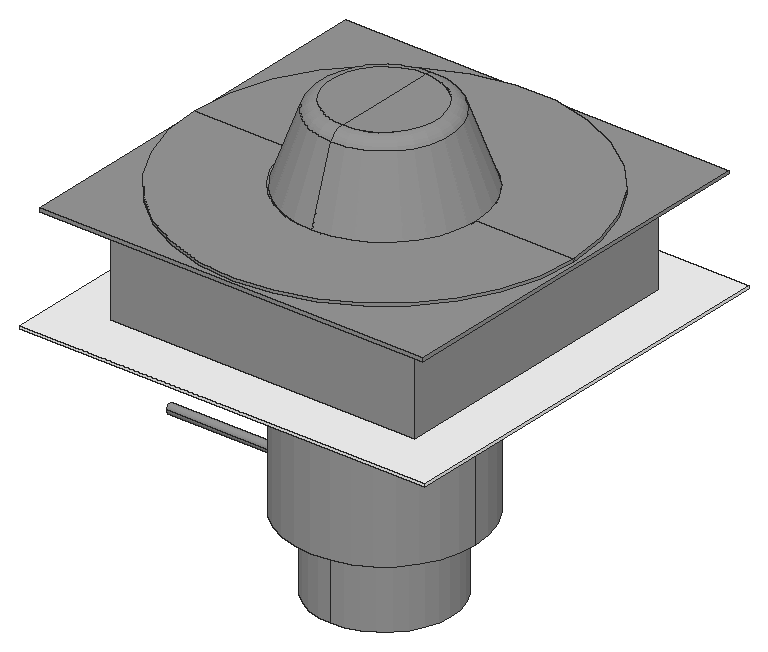
Revit family "HL_Dachablauf_HL63.1P-B-221103", category Instalační zařizovací předměty, Revit 2021
Family settings
  Kóta kulaté spojky = Použít průměr
  Typ dílu = Normální
  Číslo OmniClass = 23.70.50.21.24.14
  Nadpis OmniClass = Deck Waste Water Drains
  Založené na pracovní rovině = Ne
  Vždy vertikální = Ano
  Ořezat dutým tvarem při načtení = Ne
  Sdílené = Ne
  Bod výpočtu místnosti = Ano
Parameters (values of type "HL_Dachablauf_HL63.1P_2")
  Výchozí výška = 0 mm
  Výrobce = "HL Hutterer & Lechner GmbH"  # constant formula
  VOLUMENSTROM [instance] = 0.0 L/s
  URL = "http://www.hutterer-lechner.com/de/products/catalog/roof-drains/HL63.1P/2.aspx"
  RECHTSAUSKUNFT = "Urheberrechte (©), Designrechte und alle anderen Rechte am geistigen Eigentum, sind ausschließlich Eigentum der Firma HL Hutterer&Lechner GmbH. Änderungen sind nicht gestattet. Die Familien (Teile) sind mit Wasserzeichen geschützt."
  MATERIAL = "PP/PVC"
  LEISTUNG = "9,25 l/s"
  GEWICHT = "2,94 [kg]"
  EINLAUFROST = "Laubfangkorb d 145 mm"
  EINBAUHÖHE = "266_326 mm"
  EAN = "9003076826353"
  DURCHMESSER = 125 mm
  DIMENSION = "DN125"
  Abdeckung Material [instance] = none
  Přípoj ventilace = no
  Přípoj odpadních dílů = yes
  Přípoj HW = no
  Přípoj CW = no
  Popis = "Dachabläufe"
  Model = "HL63.1P_2"
  Assembly Code = " "
  Komentáře k typům = "HL63.1P/2 Dachablauf DrainBox DN125 mit PVC_Kragen und Heizung (10_30W/230V),"
  Keynote = "HL63.1P_2"
  Einbauhöhe [instance] = 100 mm
  G [instance] = 180.00°  # constant formula
  D [instance] = 236 mm
  C [instance] = if(Einbauhöhe - 68 mm < 0 mm, 0 mm, Einbauhöhe - 68 mm)  # 32 mm
  B [instance] = 100 mm  # constant formula
  A [instance] = if(B - 100 mm > 15 mm, B - 100 mm, 15 mm)  # 15 mm
Types (4, lengths in mm): name | URL | LEISTUNG | GEWICHT | EAN | DURCHMESSER | DIMENSION | Model | Komentáře k typům | Keynote
  (no name) | "http://www.hutterer-lechner.com/de/products/catalog/roof-drains/HL63.1P/7.aspx" | "6,48 l/s" | "2,9 [kg]" | "9003076806355" | 75 | "DN75" | "HL63.1P_7" | "HL63.1P/7 Dachablauf DrainBox DN75 mit PVC_Kragen und Heizung (10_30W/230V)," | "HL63.1P_7"
  HL_Dachablauf_HL63.1P_1 | "http://www.hutterer-lechner.com/de/products/catalog/roof-drains/HL63.1P/1.aspx" | "5,82 l/s" | "2,92 [kg]" | "9003076816354" | 110 | "DN110" | "HL63.1P_1" | "HL63.1P/1 Dachablauf DrainBox DN110 mit PVC_Kragen und Heizung (10_30W/230V)," | "HL63.1P_1"
  HL_Dachablauf_HL63.1P_2 | "http://www.hutterer-lechner.com/de/products/catalog/roof-drains/HL63.1P/2.aspx" | "9,25 l/s" | "2,94 [kg]" | "9003076826353" | 125 | "DN125" | "HL63.1P_2" | "HL63.1P/2 Dachablauf DrainBox DN125 mit PVC_Kragen und Heizung (10_30W/230V)," | "HL63.1P_2"
  HL_Dachablauf_HL63.1P_7 | "http://www.hutterer-lechner.com/de/products/catalog/roof-drains/HL63.1P/7.aspx" | "6,48 l/s" | "2,9 [kg]" | "9003076806355" | 75 | "DN75" | "HL63.1P_7" | "HL63.1P/7 Dachablauf DrainBox DN75 mit PVC_Kragen und Heizung (10_30W/230V)," | "HL63.1P_7"
Reference planes
  plane 1 "Center (Front/Back)": y = 0
  plane 2: z = 0
  plane 3 "Center (Left/Right)": x = 0
  plane 4: z = -100
  plane 5: z = -100
Lines and regions (mm)
  model lines, style "InvisibleLines"
    curve 1: line (0, 0, 0) -> (0, 0, 20)
  model lines, style "PlumbingFixtures", detail levels coarse+medium
    curve 2: line (0, 0, -100) -> (0, 0, -85)
    curve 3: line (0, 0, -85) -> (-85, 0, 0)
    curve 4: line (0, 0, -85) -> (85, 0, 0)
    curve 6: line (0, 0, -100) -> (0, 0, -336)
  reference lines, not visible
    curve 5: line (0, 0, -100) -> (0, 0, -336)
  symbolic lines, style "PlumbingFixtures", detail levels coarse+medium
    curve 7: line (-75, 75, 0) -> (75, 75, 0)
    curve 8: line (-75, -75, 0) -> (-75, 75, 0)
    curve 9: line (75, -75, 0) -> (-75, -75, 0)
    curve 10: line (75, 75, 0) -> (75, -75, 0)
    curve 11: line (-75, 75, 0) -> (-145.711, 145.711, 0)
    curve 12: line (75, 75, 0) -> (145.711, 145.711, 0)
    curve 13: line (-75, -75, 0) -> (-145.711, -145.711, 0)
    curve 14: line (75, -75, 0) -> (145.711, -145.711, 0)
  symbolic lines, style "PlumbingFixtures", not visible, detail levels coarse+medium
    curve 15: line (-75, 75, 0) -> (75, 75, 0)
    curve 16: line (-75, -75, 0) -> (-75, 75, 0)
    curve 17: line (75, -75, 0) -> (-75, -75, 0)
    curve 18: line (75, 75, 0) -> (75, -75, 0)
    curve 19: line (-75, 75, 0) -> (-145.711, 145.711, 0)
    curve 20: line (75, 75, 0) -> (145.711, 145.711, 0)
    curve 21: line (-75, -75, 0) -> (-145.711, -145.711, 0)
    curve 22: line (75, -75, 0) -> (145.711, -145.711, 0)
Text (mm)
  text "FLOOR" at (-162.344, 0, -10.979), in view "Drain Construction View"
Dimensions and locks
  "B": plane 2 to plane 4
  "Einbauhöhe": plane 2 to plane 5
  "A": curve 4 to plane 4
  "D": curve 5 to curve 5
  "D": curve 6 to curve 6
  locked: curve 4 to plane 3 "Center (Left/Right)" (angle 45.00°)
  locked: plane 3 "Center (Left/Right)" to curve 3 (angle 45.00°)
  "G": angle curve 5 to plane 3 "Center (Left/Right)"
  aligned and locked: level to plane 2
  aligned and locked: plane 2 to curve 4
  aligned and locked: plane 2 to curve 3
  aligned and locked: plane 4 to curve 5
  aligned and locked: plane 3 "Center (Left/Right)" to curve 5
  aligned and locked: plane 4 to curve 2
  aligned and locked: curve 6 to plane 3 "Center (Left/Right)"
  aligned and locked: curve 6 to plane 4
  aligned and locked: nested 1 to plane 2
  aligned and locked: nested 1 to plane 3 "Center (Left/Right)"
  aligned and locked: plane 2 to nested 2
  aligned and locked: plane 3 "Center (Left/Right)" to nested 2
Automatic sketch dimensions
  curve 2 to plane 3 "Center (Left/Right)" = 0 mm
  curve 1 to plane 3 "Center (Left/Right)" = 0 mm
  curve 1 to level = 0 mm
  level to curve 1 = 20 mm
Nested families
  nested 1: "HL_Dachablaufkörper_HL63.1P" at (0, 0, 0) x (0, -1, 0) z (0, 0, 1), DURCHMESSER <- "DURCHMESSER", EInbauhöhe <- "Einbauhöhe", type "HL_Dachablaufkörper_HL63.1P"
    with L2 2.5 mm, L 100 mm, IHmin 266 mm, IHmax 326 mm, EInbauhöhe 100 mm, DURCHMESSER 125 mm
  nested 2: "HL_Zubehör_HL062.1E" at (0, 0, 0), type "HL_Zubehör_HL062.1E"
Connectors
  piping at (0, 0, -336), diameter 125, driven by "VOLUMENSTROM", driven by "DURCHMESSER"
    settings: on curve 5, index 1, connector inside diameter 609.6 mm, connector length 0 mm, flow factor 0, pipe flow 0.0 L/s, pressure drop 0.0 Pa, fitting loss kfactor 0, connector angle 0.00°, fixture units 0, engagement length 0 mm, angle of deflection 0.00°, flow configuration 1, flow direction 2, fitting loss method 0, system type 16, joint type 0, gender type 0, connector reference index -1, connector utility 0, adjustable connector yes, is connector primary yes, connector description ""
Definition of nested family "HL_Dachablaufkörper_HL63.1P"
  Parameters (values of type "HL_Dachablaufkörper_HL63.1P")
    Default Elevation = 0 mm
    Manufacturer = ""
    URL = ""
    Description = ""
    Model = ""
    L2 [instance] = if((L = 0 mm), 0 mm, 2.5 mm)  # 2.5 mm
    L [instance] = if(EInbauhöhe < (IHmin - 166 mm), 0 mm, if(EInbauhöhe > (IHmax - 166 mm) + 0.1 mm, 0 mm, EInbauhöhe + 0 mm))  # 100 mm
    Type Comments = ""
    EInbauhöhe [instance] = 100 mm
    IHmin [instance] = 266 mm
    IHmax [instance] = 326 mm
    DURCHMESSER [instance] = 110 mm
    Cost = 0
  Reference planes
    plane 1 "Střed (vpředu/vzadu)": y = 0
    plane 2: z = 0
    plane 3 "Střed (vlevo/vpravo)": x = 0
  Forms (mm)
    Revolve 1, solid, detail levels fine
      sketch origin (0, 0, 0) x (0, 1, 0) y (0, 0, 1)
        loop
          line (-86.032, 3.644) -> (-176.924, 3.644) -> (-176.924, 1.144) -> (-83.433, 1.144) -> (-81.597, -0.691) -> (-81.597, -19.259) -> (-76.5, -24.356) -> (-73.951, -24.356) -> (-73.951, -23.352) -> (-79.05, -18.253) -> (-79.05, -0.387) -> (-86.032, 3.644)
        axis (0, 3.644) -> (0, -24.356)
      angle from 0 to 360
    Extrusion 2, solid, detail levels fine
      sketch origin (0, 0, 0) x (1, 0, 0) y (0, 1, 0)
        loop
          line (-179, 179) -> (-179, -179) -> (179, -179) -> (179, 179) -> (-179, 179)
        loop
          circle (0, 0) r 86.032
      from 0 to -3
    Extrusion 3, solid, detail levels fine
      sketch origin (0, 0, -3) x (0, 1, 0) y (1, 0, 0)
        loop
          line (142, -142) -> (142, 142) -> (-142, 142) -> (-142, -142) -> (142, -142)
        loop
          line (135.446, 135.511) -> (-136.22, 135.511) -> (-136.22, -136.112) -> (135.446, -136.112) -> (135.446, 135.511)
      from 0 to 94
    Extrusion 4, solid, detail levels fine
      sketch origin (0, 189, -100) x (0, -1, 0) y (1, 0, 0)
        loop
          line (0, 189) -> (0, -189) -> (378, -189) -> (378, 189) -> (0, 189)
      from 0 to 2.5 <- "L2"
    Extrusion 5, solid, detail levels fine
      sketch origin (0, 189, -97.5) x (0, -1, 0) y (1, 0, 0)
        loop
          line (324.811, 135.446) -> (53.189, 135.446) -> (53.189, -136.22) -> (324.811, -136.22) -> (324.811, 135.446)
        loop
          line (60.24, -128.928) -> (318.378, -128.928) -> (318.378, 129.536) -> (60.24, 129.536) -> (60.24, -128.928)
      from 0 to 60
    Revolve 6, solid, detail levels fine
      sketch origin (0, 0, 0) x (0, 1, 0) y (0, 0, 1)
        loop
          line (-85.564, -28.034) -> (-85.564, -268) -> (-62.164, -268) -> (-62.164, -271.8) -> (0, -271.8) -> (0, -38.034) -> (-77.903, -38.034) -> (-77.903, -28.034) -> (-85.564, -28.034)
        axis (0, -28.034) -> (0, -271.8)
      angle from 0 to 360
    Extrusion 7, solid, detail levels fine
      sketch origin (0, 0, 0) x (1, 0, 0) y (0, 0, 1)
        loop
          circle (0, -253.419) r 4.224
      from 63.017 to 200
    Extrusion 8, solid, detail levels fine
      sketch origin (0, 0, 0) x (1, 0, 0) y (0, 1, 0)
        loop
          circle (0, 0) r 55
      from -271.8 to -336
  Lines and regions (mm)
    reference lines, not visible
      curve 1: line (0, 189, -100) -> (0, -371, -100)
  Dimensions and locks
    "L": curve 1 to plane 2
    "DURCHMESSER": diameter of Extrusion 8 sketch curve
    aligned and locked: level to plane 2
  Automatic sketch dimensions
    Revolve 1 sketch curve to plane 1 "Střed (vpředu/vzadu)" = 0 mm
    Revolve 1 sketch curve to level = 24.356 mm
    plane 1 "Střed (vpředu/vzadu)" to Revolve 1 sketch curve = 73.951 mm
    Revolve 1 sketch curve to Revolve 1 sketch curve = 2.549 mm
    Revolve 1 sketch curve to level = 18.253 mm
    Revolve 1 sketch curve to Revolve 1 sketch curve = 2.55 mm
    Revolve 1 sketch curve to level = 19.259 mm
    Revolve 1 sketch curve to Revolve 1 sketch curve = 2.547 mm
    level to Revolve 1 sketch curve = 1.144 mm
    Revolve 1 sketch curve to Revolve 1 sketch curve = 1.836 mm
    level to Revolve 1 sketch curve = 3.644 mm
    Revolve 1 sketch curve to Revolve 1 sketch curve = 2.599 mm
    Revolve 1 sketch curve to Revolve 1 sketch curve = 90.892 mm
    Revolve 1 sketch curve to Revolve 1 sketch curve = 1.003 mm
    Revolve 1 sketch curve to level = 0.691 mm
    Revolve 1 sketch curve to level = 0.387 mm
    Revolve 1 sketch curve to Revolve 1 sketch curve = 275.644 mm
    level to Revolve 1 sketch curve = 300 mm
    plane 1 "Střed (vpředu/vzadu)" to Extrusion 2 sketch curve = 0 mm
    Extrusion 2 sketch curve to plane 3 "Střed (vlevo/vpravo)" = 0 mm
    Extrusion 2 sketch curve to plane 3 "Střed (vlevo/vpravo)" = 179 mm
    plane 3 "Střed (vlevo/vpravo)" to Extrusion 2 sketch curve = 179 mm
    plane 1 "Střed (vpředu/vzadu)" to Extrusion 2 sketch curve = 179 mm
    Extrusion 2 sketch curve to plane 1 "Střed (vpředu/vzadu)" = 179 mm
    Extrusion 2 to Extrusion 3 sketch curve = 37 mm  (x2)
    Extrusion 3 sketch curve to Extrusion 3 sketch curve = 5.78 mm
    Extrusion 2 to Extrusion 3 sketch curve = 43.554 mm
    Extrusion 3 sketch curve to Extrusion 3 sketch curve = 6.554 mm
    Extrusion 3 sketch curve to Extrusion 3 sketch curve = 6.489 mm
    Extrusion 2 to Extrusion 3 sketch curve = 42.888 mm
    Extrusion 3 sketch curve to Extrusion 3 sketch curve = 5.888 mm
    Extrusion 4 sketch curve to curve 1 = 0 mm
    Extrusion 4 sketch curve to curve 1 = 189 mm
    curve 1 to Extrusion 4 sketch curve = 189 mm
    Extrusion 4 sketch curve to curve 1 = 182 mm
    Extrusion 7 sketch curve to plane 3 "Střed (vlevo/vpravo)" = 0 mm
    Extrusion 7 sketch curve to level = 253.419 mm
    Extrusion 5 sketch curve to Extrusion 4 = 53.189 mm
    Extrusion 5 sketch curve to Extrusion 5 sketch curve = 7.051 mm
    Extrusion 5 sketch curve to Extrusion 4 = 59.622 mm
    Extrusion 5 sketch curve to Extrusion 5 sketch curve = 6.433 mm
    Extrusion 5 sketch curve to Extrusion 4 = 52.78 mm
    Extrusion 5 sketch curve to Extrusion 5 sketch curve = 7.292 mm
    Extrusion 5 sketch curve to Extrusion 4 = 59.464 mm
    Extrusion 5 sketch curve to Extrusion 5 sketch curve = 5.91 mm
    Revolve 6 sketch curve to plane 1 "Střed (vpředu/vzadu)" = 0 mm  (x2)
    plane 1 "Střed (vpředu/vzadu)" to Revolve 6 sketch curve = 62.164 mm
    Revolve 6 sketch curve to level = 38.034 mm
    plane 1 "Střed (vpředu/vzadu)" to Revolve 6 sketch curve = 77.903 mm
    Revolve 6 sketch curve to Revolve 6 sketch curve = 7.66 mm
    Revolve 6 sketch curve to Revolve 6 sketch curve = 229.966 mm
    Revolve 6 sketch curve to Revolve 6 sketch curve = 3.8 mm
    Revolve 6 sketch curve to Revolve 6 sketch curve = 10 mm
    Revolve 6 sketch curve to Revolve 6 sketch curve = 28.2 mm
    level to Revolve 6 sketch curve = 300 mm
    plane 1 "Střed (vpředu/vzadu)" to curve 1 = 371 mm
    curve 1 to plane 1 "Střed (vpředu/vzadu)" = 189 mm
    plane 1 "Střed (vpředu/vzadu)" to Extrusion 8 sketch curve = 0 mm
    Extrusion 8 sketch curve to plane 3 "Střed (vlevo/vpravo)" = 0 mm
    radius of Extrusion 2 sketch curve = 86.032 mm
    radius of Extrusion 7 sketch curve = 4.224 mm
Definition of nested family "HL_Zubehör_HL062.1E"
  Parameters (values of type "HL_Zubehör_HL062.1E")
    Default Elevation = 0 mm
    Manufacturer = "HL Hutterer & Lechner GmbH"
    URL = "http://www.hutterer-lechner.com/de/products/catalog/roof-drains/HL062.1E.aspx"
    Abdeckung Material = none
    RECHTSAUSKUNFT = "Urheberrechte (©), Designrechte und alle anderen Rechte am geistigen Eigentum, sind ausschließlich Eigentum der Firma HL Hutterer&Lechner GmbH. Änderungen sind nicht gestattet. Die Familien (Teile) sind mit Wasserzeichen geschützt."
    Description = "Dachabläufe"
    Model = "HL062.1E"
    Type Comments = "HL062.1E, Laubfangkorb"
    Keynote = "HL062.1E"
    GEWICHT = "0,097 [kg]"
    Volumenstrom [instance] = 0.0 L/s
    EAN = "9003076006212"
    Cost = 0
  Values of the unnamed type that differ from the named types
    Manufacturer = ""
    URL = ""
    RECHTSAUSKUNFT = ""
    Description = ""
    Model = ""
    Type Comments = "HL062.1E, domed plastic grate"
    Keynote = ""
  Reference planes
    plane 1 "Střed (vpředu/vzadu)": y = 0
    plane 2: z = 0
    plane 3 "Střed (vlevo/vpravo)": x = 0
  Forms (mm)
    Revolve 1, solid, detail levels fine
      sketch origin (0, 0, 0) x (0, 1, 0) y (0, 0, 1)
        loop
          line (0, 75) -> (0, 60.2) -> (47.074, 60.2) -> (68.985, 0) -> (86.249, 0) -> (61.992, 66.646)
          arc (61.992, 66.646) -> (56.733, 72.731) -> (49.016, 75) r 14.255
          line (49.016, 75) -> (0, 75)
        axis (0, 75) -> (0, 0)
      angle from 0 to 360
    Extrusion 2, solid, detail levels fine
      sketch origin (0, 0, 0) x (0, 1, 0) y (1, 0, 0)
        loop
          circle (0, 0) r 78.587
        loop
          circle (0, 0) r 70.981
      from 0 to 16.7
    Extrusion 3, solid, detail levels fine
      sketch origin (0, 0, -16.7) x (-1, 0, 0) y (0, 1, 0)
        loop
          circle (0, 0) r 70
        loop
          circle (0, 0) r 74.546
      from 0 to 12.3
  Dimensions and locks
    aligned and locked: level to plane 2
